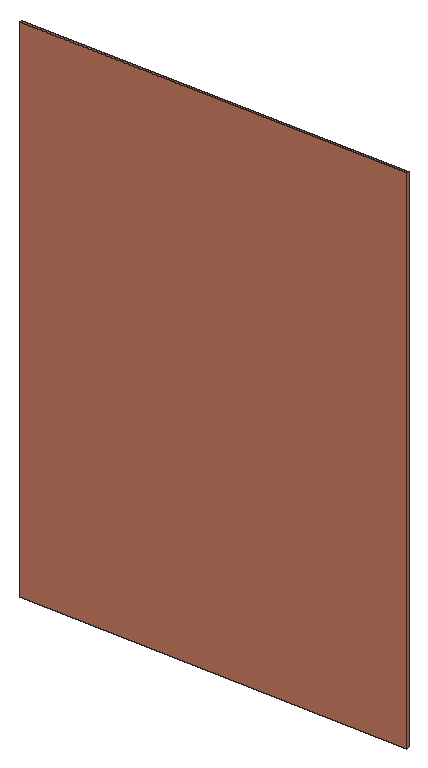
Revit family "FaEl_CompactResistance", category Fassadenelemente, Revit 2019
Family settings
  OmniClass-Nummer = 23.25.00.00
  OmniClass-Titel = Structural and Space Division Products
  Immer vertikal = Ja
  Beim Laden mit Abzugskörper schneiden = Nein
  Gemeinsam genutzt = Nein
Parameters (values of type "3660x1630x0018")
  Water_Vapour_Diffusion_Resistance = "17.200 μ"
  Warranty_Start_Date [instance] = "1900-12-31T23:59:59"
  Warranty_Guarantor_Labor = "n/a"
  Warranty_Duration_Unit = "year"
  Warranty_Duration_Labor = "n/a"
  Warranty_Description = "n/a"
  Version = "3"
  Versatz_positive [instance] = if(Panel_Offset_from_Wall > 0 mm, Panel_Offset_from_Wall, 0 mm)  # 0 mm
  Versatz_negative [instance] = if(Panel_Offset_from_Wall < 0 mm, abs(Panel_Offset_from_Wall), 0 mm)  # 0 mm
  Tolerances = "0-10 mm to BS EN 438-6"
  Thickness_Options = "4-25 mm"
  Thermal_Expansion_Coefficient = "18x10^-6 1/K"
  Thermal_Conductivity = "0.3 W/mK"
  Tensile_Strength = "≥ 80 MPa"
  Tag_Number [instance] = "n/a"
  Sustainability_Performance = "n/a"
  SurfaceSpreadOfFlame = "n/a"
  Surface = "NT"
  Specials = "n/a"
  Size = "3660x1630x0018"
  Shape = "Rectangle"
  Serial_Number [instance] = "n/a"
  Revision = "n/a"
  ReplacementCost = "n/a"
  Reference = "n/a"
  Product_Information = "https://www.ribaproductselector.com/Docs/0/27580/external/COL394192.pdf"
  Panel_Thickness = 18 mm
  Panel_Size_Width = "1630"
  Panel_Size_Length = "3660"
  Panel_Offset_from_Wall [instance] = 0 mm
  Panel_Material = FunderMax_Compact_Resistance
  Modulus_Of-Elasticity = "≥ 9.0 MPa"
  Model_Number = "n/a"
  Manufacturer_URL = "http://www.fundermax.at/interior/max-compactplatten/detail/max-compact-resistance2.html"
  Manufacturer_Name = "FunderMax GmbH"
  IsExternal = yes
  Installation_Date [instance] = "1900-12-31T23:59:59"
  IfcExportType = "NOTDEFINED"
  IfcExportAs = "IfcCoveringType"
  Grade = "To BS EN 438-6, Type EDF"
  FragilityRating = "n/a"
  Flexural_Strength = "≥ 90 MPa"
  FlammabilityRating = "n/a"
  FireRating = "Euroclass B-s2, d0"
  Finish_Options = "Slabs, triangle, cone, bowl, wave small grey, wave gold large, naturell, letter, bubble, knitter"
  Features = "Graffitti-resistant, weather-resistant, flame-retardant core, lightfast, double-hardened, scratch and solvent resistant, easy to clean, custom shapes also available"
  Expected_Life = "n/a"
  Edges = "n/a"
  Duration_Unit = "year"
  Curtain_Wall_Mark [instance] = ""
  Core = "Black core"
  Constituents = "n/a"
  Combustible = no
  Color = "n/a"
  Code_Performance = "n/a"
  Certification = "SEFA"
  Bar_Code [instance] = ""
  Asset_Identifier [instance] = ""
  AssetType = "Fixed"
  Apparent_Density = "1.35 g/cm³"
  Analytische Konstruktion = "<Keine Auswahl>"
  AcousticRating = "n/a"
  Accessibility_Performance = "n/a"
Types (11, lengths in mm): name | Size | Panel_Thickness
  3660x1630x0004 | "3660x1630x0004" | 4
  3660x1630x0005 | "3660x1630x0005" | 5
  3660x1630x0006 | "3660x1630x0006" | 6
  3660x1630x0008 | "3660x1630x0008" | 8
  3660x1630x0010 | "3660x1630x0010" | 10
  3660x1630x0012 | "3660x1630x0012" | 12
  3660x1630x0016 | "3660x1630x0016" | 16
  3660x1630x0018 | "3660x1630x0018" | 18
  3600x1630x0019 | "3660x1630x0019" | 18
  3600x1630x0020 | "3660x1630x0020" | 20
  3600x1630x0025 | "3660x1630x0025" | 25
Reference planes
  plane 1 "Mitte (Vorne/hinten)": y = 0
  plane 2: z = 0
  plane 3 "Mitte (Links/rechts)": x = 0
  plane 4 "Links": x = -1500
  plane 5 "Rechts": x = 1500
  plane 6 "Oberkante": z = 4000
  plane 7: z = 4000
  plane 8: x = 1500
  plane 9: z = 0
  plane 10: x = -1500
  plane 11: y = 0
  plane 12: y = 0
  plane 13: y = 9
  plane 14: y = -9
Forms (mm)
  Extrusion 1, solid, material "FunderMax_Compact_Resistance" <- "Panel_Material"
    sketch origin (0, 0, 0) x (1, 0, 0) y (0, 0, 1)
      loop
        line (1500, 4000) -> (-1500, 4000) -> (-1500, 0) -> (1500, 0) -> (1500, 4000)
    from -9 to 9
Text (mm)
  text "Aussenseite" at (183.798, 300.536, 0), in view "Referenzebene"
  text "Exterior" at (0, 991.218, 3852.818), in view "Links"
  text "Exterior" at (0, 1328.187, 4120.349), in view "Rechts"
  text "Hinweis:\nÄndern Sie die Familienkategorie, um Fassadenfenster oder -türen zu definieren\n\nLöschen Sie diesen Hinweis, bevor Sie die Familie verwenden." at (1592.819, 360.786, 0), in view "Referenzebene"
Dimensions and locks
  equal spacing: plane 4 "Links", plane 3 "Mitte (Links/rechts)", plane 5 "Rechts"
  plane 7 to plane 6 "Oberkante" = 0 mm
  plane 2 to plane 9 = 0 mm
  plane 8 to plane 5 "Rechts" = 0 mm
  plane 4 "Links" to plane 10 = 0 mm
  "Versatz_positive": plane 1 "Mitte (Vorne/hinten)" to plane 11
  "Versatz_negative": plane 11 to plane 12
  equal spacing: plane 13, plane 12, plane 14
  "Panel_Thickness": plane 13 to plane 14
  aligned and locked: level to plane 2
  aligned and locked: Extrusion 1 sketch curve to plane 7
  aligned and locked: Extrusion 1 sketch curve to plane 8
  aligned and locked: Extrusion 1 sketch curve to plane 9
  aligned and locked: plane 10 to Extrusion 1 sketch curve
  aligned and locked: Extrusion 1 to plane 14
  aligned and locked: plane 13 to Extrusion 1
